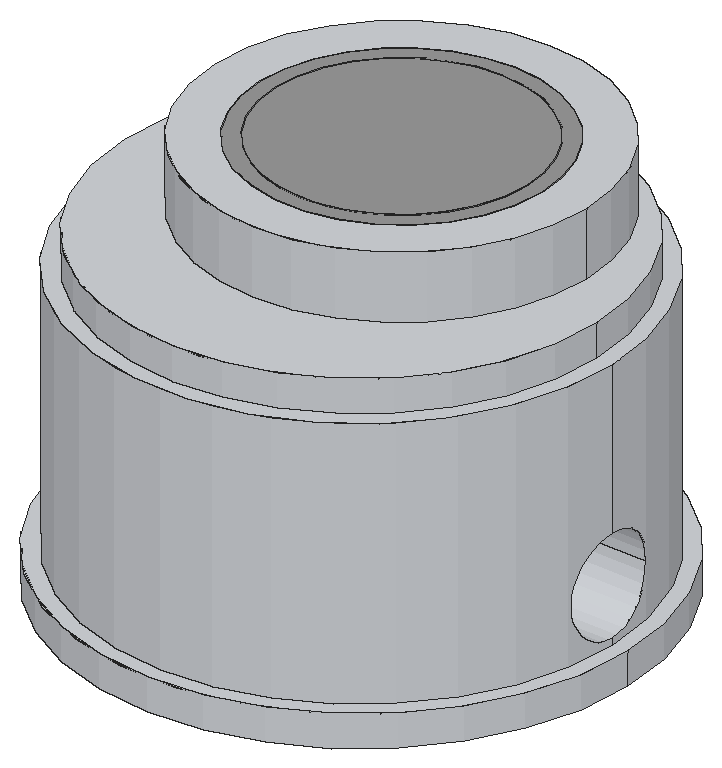
Revit family "（双通平角）1000圆形给水检查井", category 常规模型, Revit 2018
Family settings
  可将钢筋附着到主体 = 否
  圆形连接件大小 = 使用直径
  零件类型 = 标准
  基于工作平面 = 否
  总是垂直 = 是
  加载时剪切的空心 = 否
  共享 = 否
  房间计算点 = 否
Parameters (values of type "污水检查井W10")
  集水井高度 [instance] = 1200 mm
  附属物 = ""
  连接码 = ""
  起点埋深 = ""
  起点地面标高 = ""
  起始点号 = ""
  行X列 = ""
  终点埋深 = ""
  终止点号 = ""
  终止地面标高 = ""
  线型 = ""
  类型 = ""
  管线长度 = ""
  管径或断面尺寸 = ""
  电缆根数 = ""
  电压 = ""
  特征 = ""
  物探点号（管点编号） = ""
  流向 = ""
  材质 = none
  权属单位 = ""
  旋转线长度 = 150 mm
  新旧管线 = yes
  探测日期 = ""
  总孔数 = ""
  已用空孔 = ""
  左水管高度 [instance] = 270 mm
  左水管半径 [instance] = 150 mm
  套管尺寸（孔径） = ""
  备注 = ""
  埋设类型 = ""
  埋设日期 = ""
  地面标高 = ""
  右管拉伸长度 [instance] = 1800 mm
  右管半径 [instance] = 150 mm
  右管偏移角度 [instance] = 160.00°
  右水管高度 [instance] = 270 mm
  井筒高度 [instance] = 200 mm
  井筒 = 混凝土，现场浇注 - C15
  井盖及支座 = 钢 ASTM A242
  井板 = 混凝土，现场浇注 - C15
  井室高度 [instance] = 集水井高度 - 井筒高度 - 100 mm  # 900 mm
  井室 = 混凝土，现场浇注 - C15
  井基 = 混凝土，现场浇注 - C15
  Y坐标 = ""
  X坐标 = ""
  90度 = 30.00°
Types (18): name
  污水检查井W10
  污水检查井W9
  污水检查井W8
  污水检查井W7
  污水检查井W23
  污水检查井W22
  污水检查井W20
  污水检查井W19
  污水检查井W18
  污水检查井W17
  污水检查井W16
  污水检查井W15
  污水检查井W14
  污水检查井W13
  污水检查井W4
  污水检查井W3
  污水检查井W2
  污水检查井
Reference planes
  plane 1 "中心(前/后)": y = 0
  plane 2: z = 0
  plane 3 "中心(左/右)": x = 0
  plane 4: z = 100
  plane 5: z = 900
  plane 6: z = 1200
  plane 7: z = 1000
  plane 8: z = 270
  plane 9: z = 270
Forms (mm)
  Extrusion 1, solid
    sketch origin (0, 0, 0) x (1, 0, 0) y (0, 1, 0)
      loop
        circle (0, 0) r 850
    from 0 to 100
  Extrusion 2, solid
    sketch origin (0, 0, 0) x (1, 0, 0) y (0, 1, 0)
      loop
        circle (0, 0) r 800
      loop
        circle (0, 0) r 500
    from 100 to 900
  Extrusion 3, solid
    sketch origin (0, 0, 0) x (1, 0, 0) y (0, 1, 0)
      loop
        circle (0, 200) r 450
      loop
        circle (0, 0) r 750
    from 900 to 1000
  Extrusion 4, solid
    sketch origin (0, 160, 0) x (1, 0, 0) y (0, 1, 0)
      loop
        circle (0, 0) r 590
      loop
        circle (0, 0) r 450
    from 1000 to 1200
  Sweep 5, solid, material "钢 ASTM A242" <- "井盖及支座"
    path in 3D
      loop
        arc (450, 160, 1000) -> (0, -290, 1000) -> (-450, 160, 1000) r 450
        arc (-450, 160, 1000) -> (0, 610, 1000) -> (450, 160, 1000) r 450
    profile origin (0, 610, 1000) x (0, -1, 0) y (0, 0, -1)
      loop
        line (0, -150) -> (0, -200) -> (50, -200) -> (50, -185) -> (100, -185) -> (100, -170) -> (50, -170) -> (30, -150) -> (0, -150)
  Extrusion 6, solid, material "钢 ASTM A242" <- "井盖及支座"
    sketch origin (0, -160, 0) x (1, 0, 0) y (0, 1, 0)
      loop
        circle (0, 320) r 400
    from 1000 to 1200
  Revolve 7, void
    sketch origin (0, 1530.265, 270) x (0, 1, 0) y (-1, 0, 0)
      loop
        line (-1530.265, 920) -> (-1530.265, 0) -> (-1380.265, 0) -> (-1380.265, 920) -> (-1530.265, 920)
      axis (-1530.265, 0) -> (-1530.265, 920)
    angle from 0 to 360
  Revolve 8, void
    sketch origin (4267.2, -2744.198, 270) x (0, -1, 0) y (1, 0, 0)
      loop
        line (-2744.198, -3986.56) -> (-2744.198, -3267.213) -> (-2894.198, -3267.213) -> (-2894.198, -3986.56) -> (-2744.198, -3986.56)
      axis (-2744.198, -3986.56) -> (-2744.198, -3267.213)
    angle from 0 to 360
Cuts and joins
  Revolve 7, Revolve 8 cuts Extrusion 2
Lines and regions (mm)
  sketch lines
    curve 1: arc (-450, 160, 1000) -> (0, 610, 1000) -> (450, 160, 1000) r 450
    curve 2: arc (450, 160, 1000) -> (0, -290, 1000) -> (-450, 160, 1000) r 450
  reference lines
    curve 3: line (0, 0, 270) -> (-2900, 0, 270)
    curve 4: line (0, 0, 270) -> (2940, 0, 270)
Dimensions and locks
  "井室高度": plane 5 to plane 2
  plane 7 to plane 5 = 100 mm
  "左水管高度": plane 9 to level
  "左水管半径": Revolve 7 sketch curve to Revolve 7 sketch curve
  "右水管高度": plane 8 to plane 2
  "右管半径": Revolve 8 sketch curve to Revolve 8 sketch curve
  "井筒高度": plane 6 to plane 7
  Extrusion 6 to plane 6 = 0 mm
  Sweep 5 sketch curve to Sweep 5 sketch curve to Sweep 5 sketch curve = 15 mm, 15 mm
  Sweep 5 sketch curve to Sweep 5 sketch curve = 20 mm
  aligned and locked: level to plane 2
  aligned and locked: Extrusion 2 to plane 4
  aligned and locked: Extrusion 3 to plane 5
  aligned and locked: plane 5 to Extrusion 2
  aligned and locked: plane 7 to Extrusion 3
  aligned and locked: plane 6 to Extrusion 4
  aligned and locked: Extrusion 4 to plane 7
  aligned and locked: curve 4 to Revolve 8 sketch curve
  aligned and locked: Extrusion 6 to Extrusion 3
  aligned and locked: Extrusion 4 to Extrusion 6
  aligned and locked: plane 6 to Sweep 5 sketch curve
Automatic sketch dimensions
  Extrusion 4 sketch curve to Extrusion 4 sketch curve = 0 mm  (x2)
  Extrusion 4 sketch curve to plane 3 "中心(左/右)" = 0 mm
  Extrusion 4 sketch curve to plane 1 "中心(前/后)" = 160 mm
  Sweep 5 sketch curve to profile plane = 0 mm
  Sweep 5 sketch curve to profile plane = 30 mm
  Sweep 5 sketch curve to profile plane = 50 mm
  Sweep 5 sketch curve to Sweep 5 sketch curve = 0 mm
  Sweep 5 sketch curve to Sweep 5 sketch curve = 50 mm
  Extrusion 6 sketch curve to Extrusion 6 sketch curve = 0 mm  (x2)
  Extrusion 6 sketch curve to plane 3 "中心(左/右)" = 0 mm
  Extrusion 6 sketch curve to plane 1 "中心(前/后)" = 160 mm
  Extrusion 6 sketch curve to plane 3 "中心(左/右)" = 400 mm
  curve 3 to plane 1 "中心(前/后)" = 0 mm
  curve 3 to plane 3 "中心(左/右)" = 0 mm
  curve 3 to plane 3 "中心(左/右)" = 2900 mm
  plane 1 "中心(前/后)" to curve 4 = 0 mm
  curve 4 to plane 3 "中心(左/右)" = 0 mm
  plane 3 "中心(左/右)" to curve 4 = 2940 mm
  plane 1 "中心(前/后)" to Extrusion 1 sketch curve = 0 mm
  Extrusion 1 sketch curve to plane 3 "中心(左/右)" = 0 mm
  Extrusion 2 sketch curve to Extrusion 2 sketch curve = 0 mm  (x2)
  plane 1 "中心(前/后)" to Extrusion 2 sketch curve = 0 mm
  Extrusion 2 sketch curve to plane 3 "中心(左/右)" = 0 mm
  Extrusion 3 sketch curve to Extrusion 3 sketch curve = 0 mm  (x2)
  Extrusion 3 sketch curve to plane 3 "中心(左/右)" = 0 mm  (x2)
  plane 1 "中心(前/后)" to Extrusion 3 sketch curve = 0 mm
  Extrusion 3 sketch curve to plane 1 "中心(前/后)" = 200 mm
  Extrusion 3 sketch curve to plane 3 "中心(左/右)" = 450 mm
  plane 1 "中心(前/后)" to Revolve 7 sketch curve = 0 mm  (x2)
  Revolve 7 sketch curve to plane 3 "中心(左/右)" = 0 mm  (x2)
  Revolve 7 sketch curve to plane 3 "中心(左/右)" = 920 mm
  Revolve 7 sketch curve to Revolve 7 sketch curve = 1980 mm
  plane 1 "中心(前/后)" to Revolve 8 sketch curve = 0 mm
  Revolve 8 sketch curve to plane 3 "中心(左/右)" = 0 mm
  plane 3 "中心(左/右)" to Revolve 8 sketch curve = 280.64 mm
  Revolve 8 sketch curve to Revolve 8 sketch curve = 719.347 mm
  Revolve 8 sketch curve to Revolve 8 sketch curve = 1940.013 mm
  radius of Extrusion 4 sketch curve = 590 mm
  radius of Extrusion 4 sketch curve = 450 mm
  radius of Extrusion 1 sketch curve = 850 mm
  radius of Extrusion 2 sketch curve = 800 mm
  radius of Extrusion 2 sketch curve = 500 mm
  radius of Extrusion 3 sketch curve = 750 mm
